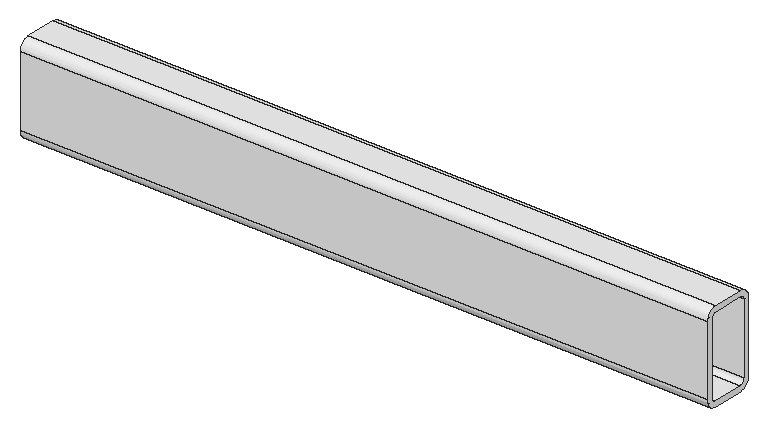
Revit family "CRV - Cortes retangulares vazados (MSH)", category Quadro estrutural, Revit 2019
Family settings
  Arredondamento do comprimento do framing estrutural = 1 mm
  Forma do corte = Não definido
  Material para o comportamento do modelo = Aço
  Exportar sempre como geometria = Não
  Sempre na vertical = Sim
  Corte com vazios quando carregada = Não
  Representação simbólica = Das configurações de projeto
  Compartilhado = Não
  Exibir o pré-corte da família na vista da planta = Sim
Parameters (values of type "RHS 160x90x8.8")
  ro = 17.6 mm
  t = 8.8 mm
  ri = 8.8 mm
  W = 0.0315
  Structural Material [instance] = Metal - Aço - 250 MPa
  d = 160 mm
  b = 90 mm
  Assembly Code = ""
  Length [instance] = 1500 mm
  A = 0.00409 m²
Reference planes
  plane 1 "Centro (Frente/Trás)": y = 0
  plane 2: z = 0
  plane 3 "Centro (Esquerda/Direita)": x = 4.61
  plane 4 "Membro esquerdo": x = -604.99
  plane 5 "Membro direito": x = 614.21
  plane 6 "Direita": x = 766.61
  plane 7 "Esquerda": x = -733.39
  plane 8: y = 45
  plane 9: y = -45
  plane 10: z = -80
  plane 11: z = 80
Forms (mm)
  Sweep 1, solid, material "Metal - Aço - 250 MPa" <- "Structural Material", detail levels medium
    path origin (0, 0, 0) x (1, 0, 0) y (0, 1, 0)
      loop
        line (-604.99, 0) -> (614.21, 0)
    profile "CRV - Cortes retangulares vazados - Perfil - Médio : CRV - Cortes retangulares vazados - Perfil - Médio" origin (4.61, 0, 0) x (0, 1, 0) y (0, 0, 1)
      loop
        line (-36.2, 71.2) -> (-36.2, -71.2) -> (36.2, -71.2) -> (36.2, 71.2) -> (-36.2, 71.2)
      loop
        line (-45, 80) -> (-45, -80) -> (45, -80) -> (45, 80) -> (-45, 80)
  Sweep 2, solid, material "Metal - Aço - 250 MPa" <- "Structural Material", detail levels fine
    path origin (0, 0, 0) x (1, 0, 0) y (0, 1, 0)
      loop
        line (-604.99, 0) -> (614.21, 0)
    profile "CRV - Cortes retangulares vazados - Perfil - Alto : CRV - Cortes retangulares vazados - Perfil - Alto" origin (4.61, 0, 0) x (0, 1, 0) y (0, 0, 1)
      loop
        arc (-27.4, 71.2) -> (-33.623, 68.623) -> (-36.2, 62.4) r 8.8
        line (-36.2, 62.4) -> (-36.2, -62.4)
        arc (-36.2, -62.4) -> (-33.623, -68.623) -> (-27.4, -71.2) r 8.8
        line (-27.4, -71.2) -> (27.4, -71.2)
        arc (27.4, -71.2) -> (33.623, -68.623) -> (36.2, -62.4) r 8.8
        line (36.2, -62.4) -> (36.2, 62.4)
        arc (36.2, 62.4) -> (33.623, 68.623) -> (27.4, 71.2) r 8.8
        line (27.4, 71.2) -> (-27.4, 71.2)
      loop
        arc (-27.4, 80) -> (-39.845, 74.845) -> (-45, 62.4) r 17.6
        line (-45, 62.4) -> (-45, -62.4)
        arc (-45, -62.4) -> (-39.845, -74.845) -> (-27.4, -80) r 17.6
        line (-27.4, -80) -> (27.4, -80)
        arc (27.4, -80) -> (39.845, -74.845) -> (45, -62.4) r 17.6
        line (45, -62.4) -> (45, 62.4)
        arc (45, 62.4) -> (39.845, 74.845) -> (27.4, 80) r 17.6
        line (27.4, 80) -> (-27.4, 80)
Lines and regions (mm)
  symbolic lines, style "Símbolos de vara", detail levels coarse
    curve 1: line (-733.39, -45, 80) -> (-733.39, 45, 80)
    curve 2: line (-733.39, 45, 80) -> (-733.39, 45, -80)
    curve 3: line (-733.39, -45, -80) -> (-733.39, -45, 80)
    curve 4: line (-733.39, 45, -80) -> (-733.39, -45, -80)
  symbolic lines, style "Faces ocultas", detail levels medium+fine
    curve 5: line (-604.99, 36.2, 0) -> (614.21, 36.2, 0)
    curve 6: line (-604.99, -36.2, 0) -> (614.21, -36.2, 0)
    curve 7: line (-604.99, 0, 71.2) -> (614.21, 0, 71.2)
    curve 8: line (614.21, 0, -71.2) -> (-604.99, 0, -71.2)
Dimensions and locks
  "Length": plane 7 "Esquerda" to plane 6 "Direita"
  equal spacing: plane 8, plane 1 "Centro (Frente/Trás)", plane 9
  "b": plane 8 to plane 9
  equal spacing: plane 11, plane 2, plane 10
  "d": plane 10 to plane 11
  aligned and locked: plane 1 "Centro (Frente/Trás)" to Sweep 1 sketch curve
  aligned and locked: plane 1 "Centro (Frente/Trás)" to Sweep 2 sketch curve
  aligned and locked: curve 1 to Sweep 1
  aligned and locked: curve 2 to Sweep 1
  aligned and locked: curve 3 to Sweep 1
  aligned and locked: curve 4 to Sweep 1
  aligned and locked: curve 5 to Sweep 1
  aligned and locked: curve 6 to Sweep 1
  aligned and locked: curve 7 to Sweep 1
  aligned and locked: curve 8 to Sweep 1
  aligned and locked: plane 4 "Membro esquerdo" to Sweep 1 sketch curve
  aligned and locked: plane 5 "Membro direito" to Sweep 1 sketch curve
  aligned and locked: plane 4 "Membro esquerdo" to Sweep 2 sketch curve
  aligned and locked: plane 5 "Membro direito" to Sweep 2 sketch curve
  aligned and locked: plane 4 "Membro esquerdo" to curve 5
  aligned and locked: plane 5 "Membro direito" to curve 5
  aligned and locked: plane 4 "Membro esquerdo" to curve 6
  aligned and locked: plane 5 "Membro direito" to curve 6
  aligned and locked: plane 4 "Membro esquerdo" to curve 7
  aligned and locked: plane 5 "Membro direito" to curve 7
  aligned and locked: plane 4 "Membro esquerdo" to curve 8
  aligned and locked: plane 5 "Membro direito" to curve 8
Types in the file's own list only (301): name | ro | t | ri | W | d | b | A
  RHS 50x30x2.9 | 4 mm | 3 mm | 1 mm | 0.00331 | 50 mm | 30 mm | 0.00 m²
  RHS 50x30x3.2 | 5 mm | 3 mm | 2 mm | 0.00361 | 50 mm | 30 mm | 0.00 m²
  RHS 50x30x3.6 | 5 mm | 4 mm | 2 mm | 0.00401 | 50 mm | 30 mm | 0.00 m²
  RHS 50x30x4.0 | 6 mm | 4 mm | 2 mm | 0.00439 | 50 mm | 30 mm | 0.00 m²
  RHS 50x30x4.5 | 7 mm | 5 mm | 2 mm | 0.00485 | 50 mm | 30 mm | 0.00 m²
  RHS 50x30x5.0 | 8 mm | 5 mm | 3 mm | 0.00528 | 50 mm | 30 mm | 0.00 m²
  RHS 50x30x5.6 | 8 mm | 6 mm | 3 mm | 0.00578 | 50 mm | 30 mm | 0.00 m²
  RHS 50x30x6.3 | 9 mm | 6 mm | 3 mm | 0.00633 | 50 mm | 30 mm | 0.00 m²
  RHS 50x30x7.1 | 11 mm | 7 mm | 4 mm | 0.00691 | 50 mm | 30 mm | 0.00 m²
  RHS 60x40x2.9 | 4 mm | 3 mm | 1 mm | 0.00422 | 60 mm | 40 mm | 0.00 m²
  RHS 60x40x3.2 | 5 mm | 3 mm | 2 mm | 0.00462 | 60 mm | 40 mm | 0.00 m²
  RHS 60x40x3.6 | 5 mm | 4 mm | 2 mm | 0.00514 | 60 mm | 40 mm | 0.00 m²
  RHS 60x40x4.0 | 6 mm | 4 mm | 2 mm | 0.00564 | 60 mm | 40 mm | 0.00 m²
  RHS 60x40x4.5 | 7 mm | 5 mm | 2 mm | 0.00626 | 60 mm | 40 mm | 0.00 m²
  RHS 60x40x5.0 | 8 mm | 5 mm | 3 mm | 0.00685 | 60 mm | 40 mm | 0.00 m²
  RHS 60x40x5.6 | 8 mm | 6 mm | 3 mm | 0.00754 | 60 mm | 40 mm | 0.00 m²
  RHS 60x40x6.3 | 9 mm | 6 mm | 3 mm | 0.00831 | 60 mm | 40 mm | 0.00 m²
  RHS 60x40x7.1 | 11 mm | 7 mm | 4 mm | 0.00914 | 60 mm | 40 mm | 0.00 m²
  RHS 60x40x8.0 | 12 mm | 8 mm | 4 mm | 0.01 | 60 mm | 40 mm | 0.00 m²
  RHS 70x40x2.9 | 4 mm | 3 mm | 1 mm | 0.00467 | 70 mm | 40 mm | 0.00 m²
  RHS 70x40x3.2 | 5 mm | 3 mm | 2 mm | 0.00512 | 70 mm | 40 mm | 0.00 m²
  RHS 70x40x3.6 | 5 mm | 4 mm | 2 mm | 0.0057 | 70 mm | 40 mm | 0.00 m²
  RHS 70x40x4.0 | 6 mm | 4 mm | 2 mm | 0.00627 | 70 mm | 40 mm | 0.00 m²
  RHS 70x40x4.5 | 7 mm | 5 mm | 2 mm | 0.00697 | 70 mm | 40 mm | 0.00 m²
  RHS 70x40x5.0 | 8 mm | 5 mm | 3 mm | 0.00764 | 70 mm | 40 mm | 0.00 m²
  RHS 70x40x5.6 | 8 mm | 6 mm | 3 mm | 0.00842 | 70 mm | 40 mm | 0.00 m²
  RHS 70x40x6.3 | 9 mm | 6 mm | 3 mm | 0.0093 | 70 mm | 40 mm | 0.00 m²
  RHS 70x40x7.1 | 11 mm | 7 mm | 4 mm | 0.0103 | 70 mm | 40 mm | 0.00 m²
  RHS 70x40x8.0 | 12 mm | 8 mm | 4 mm | 0.0113 | 70 mm | 40 mm | 0.00 m²
  RHS 70x40x8.8 | 13 mm | 9 mm | 4 mm | 0.0121 | 70 mm | 40 mm | 0.00 m²
  RHS 70x40x10.0 | 15 mm | 10 mm | 5 mm | 0.0133 | 70 mm | 40 mm | 0.00 m²
  RHS 80x40x2.9 | 4 mm | 3 mm | 1 mm | 0.00513 | 80 mm | 40 mm | 0.00 m²
  RHS 80x40x3.2 | 5 mm | 3 mm | 2 mm | 0.00562 | 80 mm | 40 mm | 0.00 m²
  RHS 80x40x3.6 | 5 mm | 4 mm | 2 mm | 0.00627 | 80 mm | 40 mm | 0.00 m²
  RHS 80x40x4.0 | 6 mm | 4 mm | 2 mm | 0.0069 | 80 mm | 40 mm | 0.00 m²
  RHS 80x40x4.5 | 7 mm | 5 mm | 2 mm | 0.00767 | 80 mm | 40 mm | 0.00 m²
  RHS 80x40x5.0 | 8 mm | 5 mm | 3 mm | 0.00842 | 80 mm | 40 mm | 0.00 m²
  RHS 80x40x5.6 | 8 mm | 6 mm | 3 mm | 0.0093 | 80 mm | 40 mm | 0.00 m²
  RHS 80x40x6.3 | 9 mm | 6 mm | 3 mm | 0.0103 | 80 mm | 40 mm | 0.00 m²
  RHS 80x40x7.1 | 11 mm | 7 mm | 4 mm | 0.0114 | 80 mm | 40 mm | 0.00 m²
  RHS 80x40x8.0 | 12 mm | 8 mm | 4 mm | 0.0125 | 80 mm | 40 mm | 0.00 m²
  RHS 80x40x8.8 | 13 mm | 9 mm | 4 mm | 0.0135 | 80 mm | 40 mm | 0.00 m²
  RHS 80x40x10.0 | 15 mm | 10 mm | 5 mm | 0.0149 | 80 mm | 40 mm | 0.00 m²
  RHS 80x40x11.0 | 17 mm | 11 mm | 6 mm | 0.0159 | 80 mm | 40 mm | 0.00 m²
  RHS 80x40x12.5 | 19 mm | 13 mm | 6 mm | 0.0173 | 80 mm | 40 mm | 0.00 m²
  RHS 90x50x3.2 | 5 mm | 3 mm | 2 mm | 0.00663 | 90 mm | 50 mm | 0.00 m²
  RHS 90x50x3.6 | 5 mm | 4 mm | 2 mm | 0.0074 | 90 mm | 50 mm | 0.00 m²
  RHS 90x50x4.0 | 6 mm | 4 mm | 2 mm | 0.00815 | 90 mm | 50 mm | 0.00 m²
  RHS 90x50x4.5 | 7 mm | 5 mm | 2 mm | 0.00908 | 90 mm | 50 mm | 0.00 m²
  RHS 90x50x5.0 | 8 mm | 5 mm | 3 mm | 0.00999 | 90 mm | 50 mm | 0.00 m²
  RHS 90x50x5.6 | 8 mm | 6 mm | 3 mm | 0.0111 | 90 mm | 50 mm | 0.00 m²
  RHS 90x50x6.3 | 9 mm | 6 mm | 3 mm | 0.0123 | 90 mm | 50 mm | 0.00 m²
  RHS 90x50x7.1 | 11 mm | 7 mm | 4 mm | 0.0136 | 90 mm | 50 mm | 0.00 m²
  RHS 90x50x8.0 | 12 mm | 8 mm | 4 mm | 0.015 | 90 mm | 50 mm | 0.00 m²
  RHS 90x50x8.8 | 13 mm | 9 mm | 4 mm | 0.0163 | 90 mm | 50 mm | 0.00 m²
  RHS 90x50x10.0 | 15 mm | 10 mm | 5 mm | 0.018 | 90 mm | 50 mm | 0.00 m²
  RHS 90x50x11.0 | 17 mm | 11 mm | 6 mm | 0.0194 | 90 mm | 50 mm | 0.00 m²
  RHS 90x50x12.5 | 19 mm | 13 mm | 6 mm | 0.0213 | 90 mm | 50 mm | 0.00 m²
  RHS 100x50x3.6 | 5 mm | 4 mm | 2 mm | 0.00796 | 100 mm | 50 mm | 0.00 m²
  RHS 100x50x4.0 | 6 mm | 4 mm | 2 mm | 0.00878 | 100 mm | 50 mm | 0.00 m²
  RHS 100x50x4.5 | 7 mm | 5 mm | 2 mm | 0.00979 | 100 mm | 50 mm | 0.00 m²
  RHS 100x50x5.0 | 8 mm | 5 mm | 3 mm | 0.0108 | 100 mm | 50 mm | 0.00 m²
  RHS 100x50x5.6 | 8 mm | 6 mm | 3 mm | 0.0119 | 100 mm | 50 mm | 0.00 m²
  RHS 100x50x6.3 | 9 mm | 6 mm | 3 mm | 0.0133 | 100 mm | 50 mm | 0.00 m²
  RHS 100x50x7.1 | 11 mm | 7 mm | 4 mm | 0.0147 | 100 mm | 50 mm | 0.00 m²
  RHS 100x50x8.0 | 12 mm | 8 mm | 4 mm | 0.0163 | 100 mm | 50 mm | 0.00 m²
  RHS 100x50x8.8 | 13 mm | 9 mm | 4 mm | 0.0176 | 100 mm | 50 mm | 0.00 m²
  RHS 100x50x10.0 | 15 mm | 10 mm | 5 mm | 0.0196 | 100 mm | 50 mm | 0.00 m²
  RHS 100x50x11.0 | 17 mm | 11 mm | 6 mm | 0.0211 | 100 mm | 50 mm | 0.00 m²
  RHS 100x50x12.5 | 19 mm | 13 mm | 6 mm | 0.0232 | 100 mm | 50 mm | 0.00 m²
  RHS 100x60x3.6 | 5 mm | 4 mm | 2 mm | 0.00853 | 100 mm | 60 mm | 0.00 m²
  RHS 100x60x4.0 | 6 mm | 4 mm | 2 mm | 0.00941 | 100 mm | 60 mm | 0.00 m²
  RHS 100x60x4.5 | 7 mm | 5 mm | 2 mm | 0.0105 | 100 mm | 60 mm | 0.00 m²
  RHS 100x60x5.0 | 8 mm | 5 mm | 3 mm | 0.0116 | 100 mm | 60 mm | 0.00 m²
  RHS 100x60x5.6 | 8 mm | 6 mm | 3 mm | 0.0128 | 100 mm | 60 mm | 0.00 m²
  RHS 100x60x6.3 | 9 mm | 6 mm | 3 mm | 0.0142 | 100 mm | 60 mm | 0.00 m²
  RHS 100x60x7.1 | 11 mm | 7 mm | 4 mm | 0.0158 | 100 mm | 60 mm | 0.00 m²
  RHS 100x60x8.0 | 12 mm | 8 mm | 4 mm | 0.0175 | 100 mm | 60 mm | 0.00 m²
  RHS 100x60x8.8 | 13 mm | 9 mm | 4 mm | 0.019 | 100 mm | 60 mm | 0.00 m²
  RHS 100x60x10.0 | 15 mm | 10 mm | 5 mm | 0.0211 | 100 mm | 60 mm | 0.00 m²
  RHS 100x60x11.0 | 17 mm | 11 mm | 6 mm | 0.0228 | 100 mm | 60 mm | 0.00 m²
  RHS 100x60x12.5 | 19 mm | 13 mm | 6 mm | 0.0252 | 100 mm | 60 mm | 0.00 m²
  RHS 110x60x3.6 | 5 mm | 4 mm | 2 mm | 0.00909 | 110 mm | 60 mm | 0.00 m²
  RHS 110x60x4.0 | 6 mm | 4 mm | 2 mm | 0.01 | 110 mm | 60 mm | 0.00 m²
  RHS 110x60x4.5 | 7 mm | 5 mm | 2 mm | 0.0112 | 110 mm | 60 mm | 0.00 m²
  RHS 110x60x5.0 | 8 mm | 5 mm | 3 mm | 0.0123 | 110 mm | 60 mm | 0.00 m²
  RHS 110x60x5.6 | 8 mm | 6 mm | 3 mm | 0.0137 | 110 mm | 60 mm | 0.00 m²
  RHS 110x60x6.3 | 9 mm | 6 mm | 3 mm | 0.0152 | 110 mm | 60 mm | 0.00 m²
  RHS 110x60x7.1 | 11 mm | 7 mm | 4 mm | 0.0169 | 110 mm | 60 mm | 0.00 m²
  RHS 110x60x8.0 | 12 mm | 8 mm | 4 mm | 0.0188 | 110 mm | 60 mm | 0.00 m²
  RHS 110x60x8.8 | 13 mm | 9 mm | 4 mm | 0.0204 | 110 mm | 60 mm | 0.00 m²
  RHS 110x60x10.0 | 15 mm | 10 mm | 5 mm | 0.0227 | 110 mm | 60 mm | 0.00 m²
  RHS 110x60x11.0 | 17 mm | 11 mm | 6 mm | 0.0245 | 110 mm | 60 mm | 0.00 m²
  RHS 110x60x12.5 | 19 mm | 13 mm | 6 mm | 0.0271 | 110 mm | 60 mm | 0.00 m²
  RHS 120x60x3.6 | 5 mm | 4 mm | 2 mm | 0.00966 | 120 mm | 60 mm | 0.00 m²
  RHS 120x60x4.0 | 6 mm | 4 mm | 2 mm | 0.0107 | 120 mm | 60 mm | 0.00 m²
  RHS 120x60x4.5 | 7 mm | 5 mm | 2 mm | 0.0119 | 120 mm | 60 mm | 0.00 m²
  RHS 120x60x5.0 | 8 mm | 5 mm | 3 mm | 0.0131 | 120 mm | 60 mm | 0.00 m²
  RHS 120x60x5.6 | 8 mm | 6 mm | 3 mm | 0.0146 | 120 mm | 60 mm | 0.00 m²
  RHS 120x60x6.3 | 9 mm | 6 mm | 3 mm | 0.0162 | 120 mm | 60 mm | 0.00 m²
  RHS 120x60x7.1 | 11 mm | 7 mm | 4 mm | 0.0181 | 120 mm | 60 mm | 0.00 m²
  RHS 120x60x8.0 | 12 mm | 8 mm | 4 mm | 0.0201 | 120 mm | 60 mm | 0.00 m²
  RHS 120x60x8.8 | 13 mm | 9 mm | 4 mm | 0.0218 | 120 mm | 60 mm | 0.00 m²
  RHS 120x60x10.0 | 15 mm | 10 mm | 5 mm | 0.0243 | 120 mm | 60 mm | 0.00 m²
  RHS 120x60x11.0 | 17 mm | 11 mm | 6 mm | 0.0263 | 120 mm | 60 mm | 0.00 m²
  RHS 120x60x12.5 | 19 mm | 13 mm | 6 mm | 0.0291 | 120 mm | 60 mm | 0.00 m²
  RHS 120x80x4.0 | 8 mm | 4 mm | 4 mm | 0.0119 | 120 mm | 80 mm | 0.00 m²
  RHS 120x80x4.5 | 9 mm | 5 mm | 5 mm | 0.0133 | 120 mm | 80 mm | 0.00 m²
  RHS 120x80x5.0 | 10 mm | 5 mm | 5 mm | 0.0147 | 120 mm | 80 mm | 0.00 m²
  RHS 120x80x5.6 | 11 mm | 6 mm | 6 mm | 0.0163 | 120 mm | 80 mm | 0.00 m²
  RHS 120x80x6.3 | 13 mm | 6 mm | 6 mm | 0.0182 | 120 mm | 80 mm | 0.00 m²
  RHS 120x80x7.1 | 14 mm | 7 mm | 7 mm | 0.0203 | 120 mm | 80 mm | 0.00 m²
  RHS 120x80x8.0 | 16 mm | 8 mm | 8 mm | 0.0226 | 120 mm | 80 mm | 0.00 m²
  RHS 120x80x8.8 | 18 mm | 9 mm | 9 mm | 0.0245 | 120 mm | 80 mm | 0.00 m²
  RHS 120x80x10.0 | 20 mm | 10 mm | 10 mm | 0.0274 | 120 mm | 80 mm | 0.00 m²
  RHS 120x80x11.0 | 22 mm | 11 mm | 11 mm | 0.0297 | 120 mm | 80 mm | 0.00 m²
  RHS 120x80x12.5 | 25 mm | 13 mm | 13 mm | 0.033 | 120 mm | 80 mm | 0.00 m²
  RHS 120x80x14.2 | 28 mm | 14 mm | 14 mm | 0.0366 | 120 mm | 80 mm | 0.00 m²
  RHS 140x70x4.0 | 6 mm | 4 mm | 2 mm | 0.0126 | 140 mm | 70 mm | 0.00 m²
  RHS 140x70x4.5 | 7 mm | 5 mm | 2 mm | 0.014 | 140 mm | 70 mm | 0.00 m²
  RHS 140x70x5.0 | 8 mm | 5 mm | 3 mm | 0.0155 | 140 mm | 70 mm | 0.00 m²
  RHS 140x70x5.6 | 8 mm | 6 mm | 3 mm | 0.0172 | 140 mm | 70 mm | 0.00 m²
  RHS 140x70x6.3 | 9 mm | 6 mm | 3 mm | 0.0192 | 140 mm | 70 mm | 0.00 m²
  RHS 140x70x7.1 | 11 mm | 7 mm | 4 mm | 0.0214 | 140 mm | 70 mm | 0.00 m²
  RHS 140x70x8.0 | 12 mm | 8 mm | 4 mm | 0.0238 | 140 mm | 70 mm | 0.00 m²
  RHS 140x70x8.8 | 13 mm | 9 mm | 4 mm | 0.0259 | 140 mm | 70 mm | 0.00 m²
  RHS 140x70x10.0 | 15 mm | 10 mm | 5 mm | 0.029 | 140 mm | 70 mm | 0.00 m²
  RHS 140x70x11.0 | 17 mm | 11 mm | 6 mm | 0.0314 | 140 mm | 70 mm | 0.00 m²
  RHS 140x70x12.5 | 19 mm | 13 mm | 6 mm | 0.035 | 140 mm | 70 mm | 0.00 m²
  RHS 140x70x14.2 | 21 mm | 14 mm | 7 mm | 0.0388 | 140 mm | 70 mm | 0.01 m²
  RHS 140x80x4.0 | 8 mm | 4 mm | 4 mm | 0.0132 | 140 mm | 80 mm | 0.00 m²
  RHS 140x80x4.5 | 9 mm | 5 mm | 5 mm | 0.0147 | 140 mm | 80 mm | 0.00 m²
  RHS 140x80x5.0 | 10 mm | 5 mm | 5 mm | 0.0163 | 140 mm | 80 mm | 0.00 m²
  RHS 140x80x5.6 | 11 mm | 6 mm | 6 mm | 0.0181 | 140 mm | 80 mm | 0.00 m²
  RHS 140x80x6.3 | 13 mm | 6 mm | 6 mm | 0.0202 | 140 mm | 80 mm | 0.00 m²
  RHS 140x80x7.1 | 14 mm | 7 mm | 7 mm | 0.0225 | 140 mm | 80 mm | 0.00 m²
  RHS 140x80x8.0 | 16 mm | 8 mm | 8 mm | 0.0251 | 140 mm | 80 mm | 0.00 m²
  RHS 140x80x8.8 | 18 mm | 9 mm | 9 mm | 0.0273 | 140 mm | 80 mm | 0.00 m²
  RHS 140x80x10.0 | 20 mm | 10 mm | 10 mm | 0.0306 | 140 mm | 80 mm | 0.00 m²
  RHS 140x80x11.0 | 22 mm | 11 mm | 11 mm | 0.0332 | 140 mm | 80 mm | 0.00 m²
  RHS 140x80x12.5 | 25 mm | 13 mm | 13 mm | 0.037 | 140 mm | 80 mm | 0.00 m²
  RHS 140x80x14.2 | 28 mm | 14 mm | 14 mm | 0.041 | 140 mm | 80 mm | 0.01 m²
  RHS 150x100x4.5 | 9 mm | 5 mm | 5 mm | 0.0169 | 150 mm | 100 mm | 0.00 m²
  RHS 150x100x5.0 | 10 mm | 5 mm | 5 mm | 0.0186 | 150 mm | 100 mm | 0.00 m²
  RHS 150x100x5.6 | 11 mm | 6 mm | 6 mm | 0.0207 | 150 mm | 100 mm | 0.00 m²
  RHS 150x100x6.3 | 13 mm | 6 mm | 6 mm | 0.0231 | 150 mm | 100 mm | 0.00 m²
  RHS 150x100x7.1 | 14 mm | 7 mm | 7 mm | 0.0259 | 150 mm | 100 mm | 0.00 m²
  RHS 150x100x8.0 | 16 mm | 8 mm | 8 mm | 0.0289 | 150 mm | 100 mm | 0.00 m²
  RHS 150x100x8.8 | 18 mm | 9 mm | 9 mm | 0.0315 | 150 mm | 100 mm | 0.00 m²
  RHS 150x100x10.0 | 20 mm | 10 mm | 10 mm | 0.0353 | 150 mm | 100 mm | 0.00 m²
  RHS 150x100x11.0 | 22 mm | 11 mm | 11 mm | 0.0384 | 150 mm | 100 mm | 0.01 m²
  RHS 150x100x12.5 | 25 mm | 13 mm | 13 mm | 0.0428 | 150 mm | 100 mm | 0.01 m²
  RHS 150x100x14.2 | 28 mm | 14 mm | 14 mm | 0.0477 | 150 mm | 100 mm | 0.01 m²
  RHS 150x100x16.0 | 32 mm | 16 mm | 16 mm | 0.0526 | 150 mm | 100 mm | 0.01 m²
  RHS 160x80x4.5 | 9 mm | 5 mm | 5 mm | 0.0161 | 160 mm | 80 mm | 0.00 m²
  RHS 160x80x5.0 | 10 mm | 5 mm | 5 mm | 0.0178 | 160 mm | 80 mm | 0.00 m²
  RHS 160x80x5.6 | 11 mm | 6 mm | 6 mm | 0.0199 | 160 mm | 80 mm | 0.00 m²
  RHS 160x80x6.3 | 13 mm | 6 mm | 6 mm | 0.0222 | 160 mm | 80 mm | 0.00 m²
  RHS 160x80x7.1 | 14 mm | 7 mm | 7 mm | 0.0247 | 160 mm | 80 mm | 0.00 m²
  RHS 160x80x8.0 | 16 mm | 8 mm | 8 mm | 0.0276 | 160 mm | 80 mm | 0.00 m²
  RHS 160x80x8.8 | 18 mm | 9 mm | 9 mm | 0.0301 | 160 mm | 80 mm | 0.00 m²
  RHS 160x80x10.0 | 20 mm | 10 mm | 10 mm | 0.0337 | 160 mm | 80 mm | 0.00 m²
  RHS 160x80x11.0 | 22 mm | 11 mm | 11 mm | 0.0366 | 160 mm | 80 mm | 0.00 m²
  RHS 160x80x12.5 | 25 mm | 13 mm | 13 mm | 0.0409 | 160 mm | 80 mm | 0.01 m²
  RHS 160x80x14.2 | 28 mm | 14 mm | 14 mm | 0.0455 | 160 mm | 80 mm | 0.01 m²
  RHS 160x80x16.0 | 32 mm | 16 mm | 16 mm | 0.0501 | 160 mm | 80 mm | 0.01 m²
  RHS 160x90x4.5 | 9 mm | 5 mm | 5 mm | 0.0169 | 160 mm | 90 mm | 0.00 m²
  RHS 160x90x5.0 | 10 mm | 5 mm | 5 mm | 0.0186 | 160 mm | 90 mm | 0.00 m²
  RHS 160x90x5.6 | 11 mm | 6 mm | 6 mm | 0.0207 | 160 mm | 90 mm | 0.00 m²
  RHS 160x90x6.3 | 13 mm | 6 mm | 6 mm | 0.0231 | 160 mm | 90 mm | 0.00 m²
  RHS 160x90x7.1 | 14 mm | 7 mm | 7 mm | 0.0259 | 160 mm | 90 mm | 0.00 m²
  RHS 160x90x8.0 | 16 mm | 8 mm | 8 mm | 0.0289 | 160 mm | 90 mm | 0.00 m²
  RHS 160x90x10.0 | 20 mm | 10 mm | 10 mm | 0.0353 | 160 mm | 90 mm | 0.00 m²
  RHS 160x90x11.0 | 22 mm | 11 mm | 11 mm | 0.0384 | 160 mm | 90 mm | 0.01 m²
  RHS 160x90x12.5 | 25 mm | 13 mm | 13 mm | 0.0428 | 160 mm | 90 mm | 0.01 m²
  RHS 160x90x14.2 | 28 mm | 14 mm | 14 mm | 0.0477 | 160 mm | 90 mm | 0.01 m²
  RHS 160x90x16.0 | 32 mm | 16 mm | 16 mm | 0.0526 | 160 mm | 90 mm | 0.01 m²
  RHS 180x100x5.0 | 10 mm | 5 mm | 5 mm | 0.021 | 180 mm | 100 mm | 0.00 m²
  RHS 180x100x5.6 | 11 mm | 6 mm | 6 mm | 0.0234 | 180 mm | 100 mm | 0.00 m²
  RHS 180x100x6.3 | 13 mm | 6 mm | 6 mm | 0.0261 | 180 mm | 100 mm | 0.00 m²
  RHS 180x100x7.1 | 14 mm | 7 mm | 7 mm | 0.0292 | 180 mm | 100 mm | 0.00 m²
  RHS 180x100x8.0 | 16 mm | 8 mm | 8 mm | 0.0326 | 180 mm | 100 mm | 0.00 m²
  RHS 180x100x8.8 | 18 mm | 9 mm | 9 mm | 0.0356 | 180 mm | 100 mm | 0.00 m²
  RHS 180x100x10.0 | 20 mm | 10 mm | 10 mm | 0.04 | 180 mm | 100 mm | 0.01 m²
  RHS 180x100x11.0 | 22 mm | 11 mm | 11 mm | 0.0435 | 180 mm | 100 mm | 0.01 m²
  RHS 180x100x12.5 | 25 mm | 13 mm | 13 mm | 0.0487 | 180 mm | 100 mm | 0.01 m²
  RHS 180x100x14.2 | 28 mm | 14 mm | 14 mm | 0.0544 | 180 mm | 100 mm | 0.01 m²
  RHS 180x100x16.0 | 32 mm | 16 mm | 16 mm | 0.0601 | 180 mm | 100 mm | 0.01 m²
  RHS 180x100x17.5 | 35 mm | 18 mm | 18 mm | 0.0647 | 180 mm | 100 mm | 0.01 m²
  RHS 200x100x6.3 | 13 mm | 6 mm | 6 mm | 0.0281 | 200 mm | 100 mm | 0.00 m²
  RHS 200x100x7.1 | 14 mm | 7 mm | 7 mm | 0.0314 | 200 mm | 100 mm | 0.00 m²
  RHS 200x100x8.0 | 16 mm | 8 mm | 8 mm | 0.0351 | 200 mm | 100 mm | 0.00 m²
  RHS 200x100x8.8 | 18 mm | 9 mm | 9 mm | 0.0384 | 200 mm | 100 mm | 0.00 m²
  RHS 200x100x10.0 | 20 mm | 10 mm | 10 mm | 0.0431 | 200 mm | 100 mm | 0.01 m²
  RHS 200x100x11.0 | 22 mm | 11 mm | 11 mm | 0.047 | 200 mm | 100 mm | 0.01 m²
  RHS 200x100x12.5 | 25 mm | 13 mm | 13 mm | 0.0527 | 200 mm | 100 mm | 0.01 m²
  RHS 200x100x14.2 | 28 mm | 14 mm | 14 mm | 0.0589 | 200 mm | 100 mm | 0.01 m²
  RHS 200x100x16.0 | 32 mm | 16 mm | 16 mm | 0.0652 | 200 mm | 100 mm | 0.01 m²
  RHS 200x100x17.5 | 35 mm | 18 mm | 18 mm | 0.0702 | 200 mm | 100 mm | 0.01 m²
  RHS 200x120x6.3 | 13 mm | 6 mm | 6 mm | 0.0301 | 200 mm | 120 mm | 0.00 m²
  RHS 200x120x7.1 | 14 mm | 7 mm | 7 mm | 0.0337 | 200 mm | 120 mm | 0.00 m²
  RHS 200x120x8.0 | 16 mm | 8 mm | 8 mm | 0.0376 | 200 mm | 120 mm | 0.00 m²
  RHS 200x120x8.8 | 18 mm | 9 mm | 9 mm | 0.0411 | 200 mm | 120 mm | 0.01 m²
  RHS 200x120x10.0 | 20 mm | 10 mm | 10 mm | 0.0463 | 200 mm | 120 mm | 0.01 m²
  RHS 200x120x11.0 | 22 mm | 11 mm | 11 mm | 0.0504 | 200 mm | 120 mm | 0.01 m²
  RHS 200x120x12.5 | 25 mm | 13 mm | 13 mm | 0.0566 | 200 mm | 120 mm | 0.01 m²
  RHS 200x120x14.2 | 28 mm | 14 mm | 14 mm | 0.0636 | 200 mm | 120 mm | 0.01 m²
  RHS 200x120x16.0 | 32 mm | 16 mm | 16 mm | 0.0702 | 200 mm | 120 mm | 0.01 m²
  RHS 200x120x17.5 | 35 mm | 18 mm | 18 mm | 0.0757 | 200 mm | 120 mm | 0.01 m²
  RHS 220x120x6.3 | 13 mm | 6 mm | 6 mm | 0.032 | 220 mm | 120 mm | 0.00 m²
  RHS 220x120x7.1 | 14 mm | 7 mm | 7 mm | 0.0359 | 220 mm | 120 mm | 0.00 m²
  RHS 220x120x8.0 | 16 mm | 8 mm | 8 mm | 0.0402 | 220 mm | 120 mm | 0.01 m²
  RHS 220x120x8.8 | 18 mm | 9 mm | 9 mm | 0.0439 | 220 mm | 120 mm | 0.01 m²
  RHS 220x120x10.0 | 20 mm | 10 mm | 10 mm | 0.0494 | 220 mm | 120 mm | 0.01 m²
  RHS 220x120x11.0 | 22 mm | 11 mm | 11 mm | 0.0539 | 220 mm | 120 mm | 0.01 m²
  RHS 220x120x12.5 | 25 mm | 13 mm | 13 mm | 0.0605 | 220 mm | 120 mm | 0.01 m²
  RHS 220x120x14.2 | 28 mm | 14 mm | 14 mm | 0.0678 | 220 mm | 120 mm | 0.01 m²
  RHS 220x120x16.0 | 32 mm | 16 mm | 16 mm | 0.0752 | 220 mm | 120 mm | 0.01 m²
  RHS 220x120x17.5 | 35 mm | 18 mm | 18 mm | 0.0812 | 220 mm | 120 mm | 0.01 m²
  RHS 250x150x6.3 | 13 mm | 6 mm | 6 mm | 0.038 | 250 mm | 150 mm | 0.00 m²
  RHS 250x150x7.1 | 14 mm | 7 mm | 7 mm | 0.0426 | 250 mm | 150 mm | 0.01 m²
  RHS 250x150x8.0 | 16 mm | 8 mm | 8 mm | 0.0477 | 250 mm | 150 mm | 0.01 m²
  RHS 250x150x8.8 | 18 mm | 9 mm | 9 mm | 0.0522 | 250 mm | 150 mm | 0.01 m²
  RHS 250x150x10.0 | 20 mm | 10 mm | 10 mm | 0.0588 | 250 mm | 150 mm | 0.01 m²
  RHS 250x150x11.0 | 22 mm | 11 mm | 11 mm | 0.0643 | 250 mm | 150 mm | 0.01 m²
  RHS 250x150x12.5 | 25 mm | 13 mm | 13 mm | 0.0723 | 250 mm | 150 mm | 0.01 m²
  RHS 250x150x14.2 | 28 mm | 14 mm | 14 mm | 0.0811 | 250 mm | 150 mm | 0.01 m²
  RHS 250x150x16.0 | 32 mm | 16 mm | 16 mm | 0.0903 | 250 mm | 150 mm | 0.01 m²
  RHS 260x140x6.3 | 13 mm | 6 mm | 6 mm | 0.038 | 260 mm | 140 mm | 0.00 m²
  RHS 260x140x7.1 | 14 mm | 7 mm | 7 mm | 0.0426 | 260 mm | 140 mm | 0.01 m²
  RHS 260x140x8.0 | 16 mm | 8 mm | 8 mm | 0.0477 | 260 mm | 140 mm | 0.01 m²
  RHS 260x140x8.8 | 18 mm | 9 mm | 9 mm | 0.0522 | 260 mm | 140 mm | 0.01 m²
  RHS 260x140x10.0 | 20 mm | 10 mm | 10 mm | 0.0588 | 260 mm | 140 mm | 0.01 m²
  RHS 260x140x11.0 | 22 mm | 11 mm | 11 mm | 0.0643 | 260 mm | 140 mm | 0.01 m²
  RHS 260x140x12.5 | 25 mm | 13 mm | 13 mm | 0.0723 | 260 mm | 140 mm | 0.01 m²
  RHS 260x140x14.2 | 28 mm | 14 mm | 14 mm | 0.0811 | 260 mm | 140 mm | 0.01 m²
  RHS 260x140x16.0 | 32 mm | 16 mm | 16 mm | 0.0903 | 260 mm | 140 mm | 0.01 m²
  RHS 260x180x6.3 | 13 mm | 6 mm | 6 mm | 0.0419 | 260 mm | 180 mm | 0.01 m²
  RHS 260x180x7.1 | 14 mm | 7 mm | 7 mm | 0.047 | 260 mm | 180 mm | 0.01 m²
  RHS 260x180x8.0 | 16 mm | 8 mm | 8 mm | 0.0527 | 260 mm | 180 mm | 0.01 m²
  RHS 260x180x8.8 | 18 mm | 9 mm | 9 mm | 0.0577 | 260 mm | 180 mm | 0.01 m²
  RHS 260x180x10.0 | 20 mm | 10 mm | 10 mm | 0.0651 | 260 mm | 180 mm | 0.01 m²
  RHS 260x180x11.0 | 22 mm | 11 mm | 11 mm | 0.0712 | 260 mm | 180 mm | 0.01 m²
  RHS 260x180x12.5 | 25 mm | 13 mm | 13 mm | 0.0801 | 260 mm | 180 mm | 0.01 m²
  RHS 260x180x14.2 | 28 mm | 14 mm | 14 mm | 0.0901 | 260 mm | 180 mm | 0.01 m²
  RHS 260x180x16.0 | 32 mm | 16 mm | 16 mm | 0.1 | 260 mm | 180 mm | 0.01 m²
  RHS 300x200x6.3 | 13 mm | 6 mm | 6 mm | 0.0479 | 300 mm | 200 mm | 0.01 m²
  RHS 300x200x7.1 | 14 mm | 7 mm | 7 mm | 0.0537 | 300 mm | 200 mm | 0.01 m²
  RHS 300x200x8.0 | 16 mm | 8 mm | 8 mm | 0.0603 | 300 mm | 200 mm | 0.01 m²
  RHS 300x200x8.8 | 18 mm | 9 mm | 9 mm | 0.066 | 300 mm | 200 mm | 0.01 m²
  RHS 300x200x10.0 | 20 mm | 10 mm | 10 mm | 0.0745 | 300 mm | 200 mm | 0.01 m²
  RHS 300x200x11.0 | 22 mm | 11 mm | 11 mm | 0.0815 | 300 mm | 200 mm | 0.01 m²
  RHS 300x200x12.5 | 25 mm | 13 mm | 13 mm | 0.0919 | 300 mm | 200 mm | 0.01 m²
  RHS 300x200x14.2 | 28 mm | 14 mm | 14 mm | 0.103 | 300 mm | 200 mm | 0.01 m²
  RHS 300x200x16.0 | 32 mm | 16 mm | 16 mm | 0.115 | 300 mm | 200 mm | 0.01 m²
  RHS 300x200x17.5 | 35 mm | 18 mm | 18 mm | 0.125 | 300 mm | 200 mm | 0.02 m²
  RHS 350x250x6.3 | 13 mm | 6 mm | 6 mm | 0.0578 | 350 mm | 250 mm | 0.01 m²
  RHS 350x250x7.1 | 14 mm | 7 mm | 7 mm | 0.0649 | 350 mm | 250 mm | 0.01 m²
  RHS 350x250x8.0 | 16 mm | 8 mm | 8 mm | 0.0728 | 350 mm | 250 mm | 0.01 m²
  RHS 350x250x8.8 | 18 mm | 9 mm | 9 mm | 0.0798 | 350 mm | 250 mm | 0.01 m²
  RHS 350x250x10.0 | 20 mm | 10 mm | 10 mm | 0.0902 | 350 mm | 250 mm | 0.01 m²
  RHS 350x250x11.0 | 22 mm | 11 mm | 11 mm | 0.0988 | 350 mm | 250 mm | 0.01 m²
  RHS 350x250x12.5 | 25 mm | 13 mm | 13 mm | 0.112 | 350 mm | 250 mm | 0.01 m²
  RHS 350x250x14.2 | 28 mm | 14 mm | 14 mm | 0.126 | 350 mm | 250 mm | 0.02 m²
  RHS 350x250x16.0 | 32 mm | 16 mm | 16 mm | 0.141 | 350 mm | 250 mm | 0.02 m²
  RHS 400x200x6.3 | 13 mm | 6 mm | 6 mm | 0.0578 | 400 mm | 200 mm | 0.01 m²
  RHS 400x200x7.1 | 14 mm | 7 mm | 7 mm | 0.0649 | 400 mm | 200 mm | 0.01 m²
  RHS 400x200x8.0 | 16 mm | 8 mm | 8 mm | 0.0728 | 400 mm | 200 mm | 0.01 m²
  RHS 400x200x8.8 | 18 mm | 9 mm | 9 mm | 0.0798 | 400 mm | 200 mm | 0.01 m²
  RHS 400x200x10.0 | 20 mm | 10 mm | 10 mm | 0.0902 | 400 mm | 200 mm | 0.01 m²
  RHS 400x200x11.0 | 22 mm | 11 mm | 11 mm | 0.0988 | 400 mm | 200 mm | 0.01 m²
  RHS 400x200x12.5 | 25 mm | 13 mm | 13 mm | 0.112 | 400 mm | 200 mm | 0.01 m²
  RHS 400x200x14.2 | 28 mm | 14 mm | 14 mm | 0.126 | 400 mm | 200 mm | 0.02 m²
  RHS 400x200x16.0 | 32 mm | 16 mm | 16 mm | 0.141 | 400 mm | 200 mm | 0.02 m²
  RHS 400x300x6.3 | 13 mm | 6 mm | 6 mm | 0.0677 | 400 mm | 300 mm | 0.01 m²
  RHS 400x300x7.1 | 14 mm | 7 mm | 7 mm | 0.076 | 400 mm | 300 mm | 0.01 m²
  RHS 400x300x8.0 | 16 mm | 8 mm | 8 mm | 0.0854 | 400 mm | 300 mm | 0.01 m²
  RHS 400x300x8.8 | 18 mm | 9 mm | 9 mm | 0.0936 | 400 mm | 300 mm | 0.01 m²
  RHS 400x300x10.0 | 20 mm | 10 mm | 10 mm | 0.106 | 400 mm | 300 mm | 0.01 m²
  RHS 400x300x11.0 | 22 mm | 11 mm | 11 mm | 0.116 | 400 mm | 300 mm | 0.01 m²
  RHS 400x300x12.5 | 25 mm | 13 mm | 13 mm | 0.131 | 400 mm | 300 mm | 0.02 m²
  RHS 400x300x14.2 | 28 mm | 14 mm | 14 mm | 0.148 | 400 mm | 300 mm | 0.02 m²
  RHS 400x300x16.0 | 32 mm | 16 mm | 16 mm | 0.166 | 400 mm | 300 mm | 0.02 m²
  RHS 450x250x6.3 | 13 mm | 6 mm | 6 mm | 0.0677 | 450 mm | 250 mm | 0.01 m²
  RHS 450x250x7.1 | 14 mm | 7 mm | 7 mm | 0.076 | 450 mm | 250 mm | 0.01 m²
  RHS 450x250x8.0 | 16 mm | 8 mm | 8 mm | 0.0854 | 450 mm | 250 mm | 0.01 m²
  RHS 450x250x8.8 | 18 mm | 9 mm | 9 mm | 0.0936 | 450 mm | 250 mm | 0.01 m²
  RHS 450x250x10.0 | 20 mm | 10 mm | 10 mm | 0.106 | 450 mm | 250 mm | 0.01 m²
  RHS 450x250x11.0 | 22 mm | 11 mm | 11 mm | 0.116 | 450 mm | 250 mm | 0.01 m²
  RHS 450x250x12.5 | 25 mm | 13 mm | 13 mm | 0.131 | 450 mm | 250 mm | 0.02 m²
  RHS 450x250x14.2 | 28 mm | 14 mm | 14 mm | 0.148 | 450 mm | 250 mm | 0.02 m²
  RHS 450x250x16.0 | 32 mm | 16 mm | 16 mm | 0.166 | 450 mm | 250 mm | 0.02 m²
  RHS 500x300x6.3 | 13 mm | 6 mm | 6 mm | 0.0775 | 500 mm | 300 mm | 0.01 m²
  RHS 500x300x7.1 | 14 mm | 7 mm | 7 mm | 0.0872 | 500 mm | 300 mm | 0.01 m²
  RHS 500x300x8.0 | 16 mm | 8 mm | 8 mm | 0.0979 | 500 mm | 300 mm | 0.01 m²
  RHS 500x300x8.8 | 18 mm | 9 mm | 9 mm | 0.107 | 500 mm | 300 mm | 0.01 m²
  RHS 500x300x10.0 | 20 mm | 10 mm | 10 mm | 0.122 | 500 mm | 300 mm | 0.02 m²
  RHS 500x300x11.0 | 22 mm | 11 mm | 11 mm | 0.133 | 500 mm | 300 mm | 0.02 m²
  RHS 500x300x12.5 | 25 mm | 13 mm | 13 mm | 0.151 | 500 mm | 300 mm | 0.02 m²
  RHS 500x300x14.2 | 28 mm | 14 mm | 14 mm | 0.17 | 500 mm | 300 mm | 0.02 m²
  RHS 500x300x16.0 | 32 mm | 16 mm | 16 mm | 0.191 | 500 mm | 300 mm | 0.02 m²
